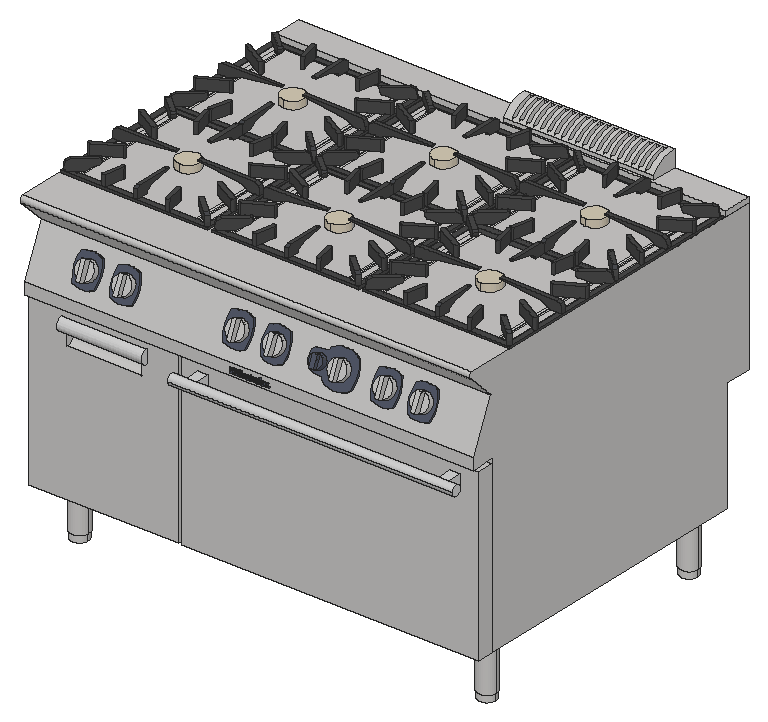
Revit family "QF_ELECTROLUXPROFESSIONAL_391462_E9AANABFMIE", category Attrezzature speciali, Revit 2018 (continued)
Definition of nested family "371009_BURNER"
  Automatic sketch dimensions
    plane 1 "BACK" to curve 104 = 55.96 mm
    curve 107 to curve 104 = 4.872 mm
    plane 1 "BACK" to curve 105 = 5.275 mm
    curve 107 to curve 105 = 11.182 mm
    curve 105 to curve 105 = 4.872 mm  (x2)
    curve 107 to curve 107 = 1.125 mm
    plane 1 "BACK" to curve 104 = 7.524 mm
    plane 1 "BACK" to curve 109 = 7.524 mm
    curve 62 to curve 109 = 41.179 mm
    curve 109 to curve 109 = 4.872 mm
    plane 1 "BACK" to curve 108 = 5.275 mm
    curve 109 to curve 108 = 4.872 mm
    curve 110 to curve 111 = 11.182 mm
    curve 110 to curve 111 = 4.872 mm
    plane 1 "BACK" to curve 108 = 53.711 mm
    curve 111 to curve 108 = 4.872 mm
    curve 111 to curve 108 = 2.25 mm
    radius of Extrusion 4 sketch curve = 30 mm
Types (2, lengths in mm): name | URL | Modello | Produttore | Gas Size | Descrizione
  (no name) | "www.electrolux.com" | "391013" | "ELECTROLUX" | 0" | "900XP 6 GAS BURNERS 6kW ON GAS OVEN WITH CUPBOARD"
  Standard | "https://www.electroluxprofessional.com/" | "E9AANABFMIE" | "Electrolux Professional" | 1/2" | "6-BURNER GAS RANGE+OVEN+CUPBOARD 1200MM - 3MM WORKTOP"
